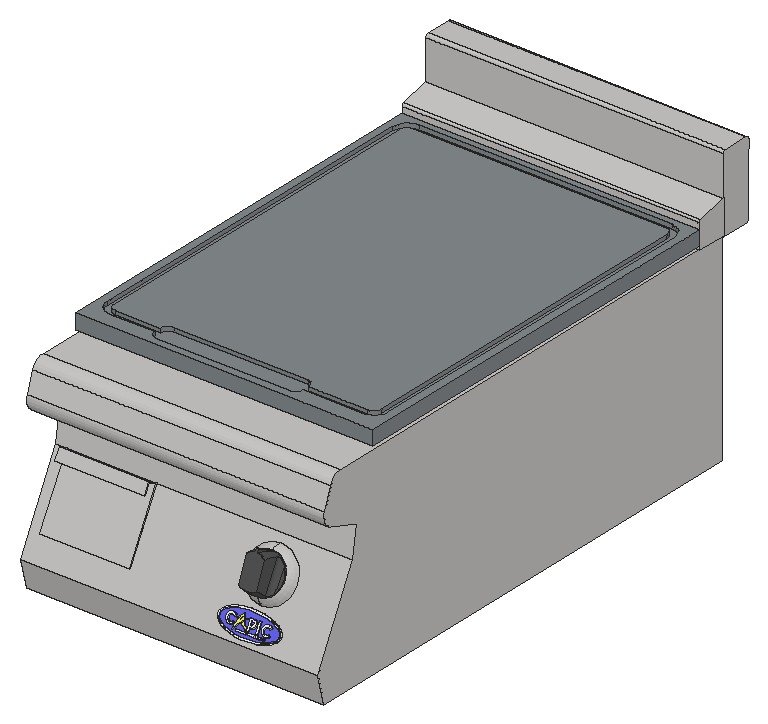
Revit family "QF_CAPIC_AVEN_W540915", category Equipement spécialisé, Revit 2018
Family settings
  Cote de connecteur circulaire = Utiliser le diamètre
  Type d'élément = Normal
  Numéro OmniClass = 23.40.40.14
  Titre OmniClass = Food Service Equipment
  Basée sur le plan de construction = Non
  Toujours verticalement = Oui
  Couper avec des vides une fois chargée = Non
  Partagée = Non
  Point de calcul de pièce = Non
Parameters (values of type "400 x 725 x 270 mm")
  URL catalogue = "http://www.capic-fr.com/fr/"
  Type de Raccord Plomberie [instance] = ""
  Type de Raccord Electrique [instance] = ""
  Type de Gaz = ""
  Type article [instance] = ""
  Tension = 0 V
  Spécification du Fabricant = ""
  Show Logo = yes
  Remarques evacuation [instance] = ""
  Remarques Plomberie [instance] = ""
  Remarques Electricité [instance] = ""
  Puissance électrique  = 0 W
  Puissance Gaz kW = 7.2
  Profondeur hors tout = 725 mm
  Pression Maximum Eau Adoucie = 0.0 Pa
  Poids net à vide = 48.00 kg
  Phase = 0
  Modèle = "W540915"
  Longueur hors tout = 400 mm
  Intensité nominale = 0 A
  Hauteur hors tout = 390 mm
  Hauteur de Raccordement du Sol Finis = 0 mm
  Hauteur de Raccordement Gaz du Sol Finis = 691 mm
  Hauteur de Raccordement Evacuation Directe du Sol Finis = 0 mm
  Hauteur de Raccordement Eau Froide du Sol Finis = 0 mm
  Hauteur de Raccordement Eau Chaude du Sol Finis = 0 mm
  Hauteur de Raccordement Eau Adoucie du Sol Finis = 0 mm
  Fréquence = 0 Hz
  Fabricant = "CAPIC"
  Débit d'air d'extraction = 0.0 m³/h
  Débit Gaz = 0.0 L/s
  Débit Eau Froide = 0.0 L/s
  Débit Eau Chaude = 0.0 L/s
  Débit Eau Adoucie = 0.0 L/s
  Diamètre de Raccordement Gaz = 15 mm
  Diamètre de Raccordement Evacuation = 0 mm
  Diamètre de Raccordement Eau Froide = 0 mm
  Diamètre de Raccordement Eau Chaude = 0 mm
  Diamètre de Raccordement Eau Adoucie = 0 mm
  Description = "Grill fonte lisse"
  Assembly Code = ""
  Classification  Omniclass nombre et titre = "23.40.40.14"
Reference planes
  plane 1 "Centre (avant/arrière)": y = 0
  plane 2: z = 0
  plane 3 "Centre (gauche/droite)": x = 0
  plane 4: x = 400
Forms (mm)
  Extrusion 1, solid, material "QF_Stainless Steel-Brushed"
    sketch origin (0, -45.05, 638) x (0, 1, 0) y (0, 0, 1)
      loop
        line (1.05, 270.397) -> (-641.347, 270.397)
        arc (-641.347, 270.397) -> (-651.671, 267.142) -> (-658.261, 258.553) r 18
        line (-658.261, 258.553) -> (-667.837, 232.245)
        arc (-667.837, 232.245) -> (-667.236, 218.482) -> (-657.078, 209.174) r 18
        line (-657.078, 209.174) -> (-613.251, 193.222) -> (-619.754, 152.161) -> (-680.074, 38.717) -> (-668.972, 0) -> (0, 0) -> (0, 268.397) -> (42.05, 268.397) -> (44.05, 270.397) -> (44.05, 356.397) -> (45.05, 356.397) -> (45.05, 368.397)
        arc (45.05, 368.397) -> (43.878, 371.225) -> (41.05, 372.397) r 4
        line (41.05, 372.397) -> (7.05, 372.397)
        arc (7.05, 372.397) -> (4.222, 371.225) -> (3.05, 368.397) r 4
        line (3.05, 368.397) -> (3.05, 272.397)
        arc (3.05, 272.397) -> (2.464, 270.983) -> (1.05, 270.397) r 2
    from 0 to 400
  Extrusion 2, solid, material "QF_Stainless Steel-Brushed"
    sketch origin (0, 0, 0) x (0, 1, 0) y (0, 0, 1)
      loop
        line (-664.804, 790.161) -> (-678.048, 797.204) -> (-685.091, 783.959) -> (-684.208, 783.49) -> (-677.635, 795.851) -> (-666.157, 789.748) -> (-710.287, 706.751) -> (-709.404, 706.281) -> (-664.804, 790.161)
    from 15 to 135
  Extrusion 3, solid, material "QF_Cast Iron"
    sketch origin (0, 0, 0) x (0, 1, 0) y (0, 0, 1)
      loop
        line (-82, 933.397) -> (-632, 933.397) -> (-632, 913.397) -> (-82, 913.397) -> (-82, 933.397)
    from 0 to 400
  Extrusion 4, solid, material "QF_Stainless Steel-Brushed"
    sketch origin (0, 0, 0) x (0, 1, 0) y (0, 0, 1)
      loop
        line (-42, 953.397) -> (-79.728, 943.965)
        arc (-79.728, 943.965) -> (-81.365, 942.901) -> (-82, 941.055) r 3
        line (-82, 941.055) -> (-82, 908.397) -> (-42, 908.397) -> (-42, 953.397)
    from 0 to 400
  Extrusion 5, void
    sketch origin (0, 0, 0) x (1, 0, 0) y (0, 1, 0)
      loop
        line (10, -112) -> (10, -592)
        arc (10, -592) -> (15.858, -606.142) -> (30, -612) r 20
        line (30, -612) -> (90, -612)
        arc (90, -612) -> (92.929, -619.071) -> (100, -622) r 10
        line (100, -622) -> (280, -622)
        arc (280, -622) -> (287.071, -619.071) -> (290, -612) r 10
        line (290, -612) -> (370, -612)
        arc (370, -612) -> (384.142, -606.142) -> (390, -592) r 20
        line (390, -592) -> (390, -112)
        arc (390, -112) -> (384.142, -97.858) -> (370, -92) r 20
        line (370, -92) -> (30, -92)
        arc (30, -92) -> (15.858, -97.858) -> (10, -112) r 20
      loop
        line (20, -112) -> (20, -592)
        arc (20, -592) -> (22.929, -599.071) -> (30, -602) r 10
        line (30, -602) -> (90, -602)
        arc (90, -602) -> (92.929, -594.929) -> (100, -592) r 10
        line (100, -592) -> (280, -592)
        arc (280, -592) -> (287.071, -594.929) -> (290, -602) r 10
        line (290, -602) -> (370, -602)
        arc (370, -602) -> (377.071, -599.071) -> (380, -592) r 10
        line (380, -592) -> (380, -112)
        arc (380, -112) -> (377.071, -104.929) -> (370, -102) r 10
        line (370, -102) -> (30, -102)
        arc (30, -102) -> (22.929, -104.929) -> (20, -112) r 10
    from 928.4 to 933.397
Cuts and joins
  Extrusion 5 cuts Extrusion 3
Dimensions and locks
  "Longueur hors tout": plane 3 "Centre (gauche/droite)" to plane 4
  aligned and locked: level to plane 2
  aligned and locked: plane 4 to Extrusion 1
  aligned and locked: Extrusion 1 to plane 3 "Centre (gauche/droite)"
  aligned and locked: Extrusion 3 to Extrusion 5
Automatic sketch dimensions
  level to Extrusion 1 sketch curve = 638 mm
  plane 1 "Centre (avant/arrière)" to Extrusion 1 sketch curve = 45.05 mm
  level to Extrusion 1 sketch curve = 831.222 mm
  plane 1 "Centre (avant/arrière)" to Extrusion 1 sketch curve = 658.301 mm
  level to Extrusion 1 sketch curve = 790.161 mm
  Extrusion 1 sketch curve to Extrusion 1 sketch curve = 6.503 mm
  Extrusion 1 sketch curve to Extrusion 1 sketch curve = 28.096 mm
  Extrusion 1 sketch curve to Extrusion 1 sketch curve = 9.575 mm
  level to Extrusion 1 sketch curve = 847.174 mm
  Extrusion 1 sketch curve to Extrusion 1 sketch curve = 6.156 mm  (x2)
  level to Extrusion 1 sketch curve = 896.553 mm
  Extrusion 1 sketch curve to Extrusion 1 sketch curve = 16.914 mm  (x2)
  level to Extrusion 1 sketch curve = 870.245 mm
  Extrusion 1 sketch curve to Extrusion 1 sketch curve = 49.218 mm
  level to Extrusion 1 sketch curve = 676.717 mm
  Extrusion 1 sketch curve to Extrusion 1 sketch curve = 11.102 mm
  plane 1 "Centre (avant/arrière)" to Extrusion 1 sketch curve = 44 mm
  plane 1 "Centre (avant/arrière)" to Extrusion 1 sketch curve = 42 mm
  Extrusion 1 sketch curve to Extrusion 1 sketch curve = 4 mm  (x2)
  Extrusion 1 sketch curve to Extrusion 1 sketch curve = 34 mm
  Extrusion 1 sketch curve to Extrusion 1 sketch curve = 39 mm
  Extrusion 1 sketch curve to Extrusion 1 sketch curve = 3 mm
  Extrusion 1 sketch curve to Extrusion 1 sketch curve = 1 mm
  Extrusion 1 sketch curve to Extrusion 1 sketch curve = 2 mm
  Extrusion 1 sketch curve to Extrusion 1 sketch curve = 86 mm
  Extrusion 1 sketch curve to Extrusion 1 sketch curve = 12 mm
  plane 1 "Centre (avant/arrière)" to Extrusion 2 sketch curve = 710.287 mm
  Extrusion 2 sketch curve to Extrusion 2 sketch curve = 11.892 mm
  Extrusion 2 sketch curve to Extrusion 2 sketch curve = 0.469 mm  (x2)
  Extrusion 2 sketch curve to Extrusion 2 sketch curve = 26.079 mm
  Extrusion 2 sketch curve to Extrusion 2 sketch curve = 0.413 mm
  Extrusion 2 sketch curve to Extrusion 2 sketch curve = 7.456 mm
  level to Extrusion 2 sketch curve = 706.281 mm
  Extrusion 2 sketch curve to Extrusion 2 sketch curve = 0.883 mm
  plane 1 "Centre (avant/arrière)" to Extrusion 3 sketch curve = 632 mm
  plane 1 "Centre (avant/arrière)" to Extrusion 3 sketch curve = 82 mm
  level to Extrusion 3 sketch curve = 913.397 mm
  Extrusion 3 sketch curve to Extrusion 3 sketch curve = 20 mm
  plane 1 "Centre (avant/arrière)" to Extrusion 4 sketch curve = 82 mm
  Extrusion 4 sketch curve to Extrusion 4 sketch curve = 2.272 mm
  Extrusion 4 sketch curve to Extrusion 4 sketch curve = 0.728 mm
  Extrusion 4 sketch curve to Extrusion 4 sketch curve = 40 mm
  level to Extrusion 4 sketch curve = 908.397 mm
  Extrusion 4 sketch curve to Extrusion 4 sketch curve = 32.658 mm
  Extrusion 4 sketch curve to Extrusion 4 sketch curve = 9.432 mm
  Extrusion 5 sketch curve to Extrusion 5 sketch curve = 0 mm  (x13)
  plane 3 "Centre (gauche/droite)" to Extrusion 5 sketch curve = 10 mm
  Extrusion 5 sketch curve to Extrusion 5 sketch curve = 10 mm  (x9)
  Extrusion 5 sketch curve to Extrusion 5 sketch curve = 60 mm
  Extrusion 5 sketch curve to plane 4 = 120 mm
  Extrusion 5 sketch curve to plane 4 = 30 mm  (x2)
  plane 1 "Centre (avant/arrière)" to Extrusion 5 sketch curve = 622 mm
  plane 1 "Centre (avant/arrière)" to Extrusion 5 sketch curve = 112 mm
Nested families
  nested 1: "QF_Details_LogoCapic" at (300, -713.73, 698.145) x (1, 0, 0) z (0, -0.8829, 0.4695), visible <- "Show Logo", type "QF_Details_LogoCapic"
  nested 2: "QF_Details_BoutonCde_face" at (310, -685.811, 750.653) x (1, 0, 0) z (0, -0.8829, 0.4695), type "QF_Details_BoutonCde_face"
Definition of nested family "QF_Details_LogoCapic"
  Parameters (values of type "QF_Details_LogoCapic")
    Default Elevation = 1219.2 mm
  Reference planes
    plane 1 "Centre (avant/arrière)": y = 0
    plane 2: z = 0
    plane 3 "Centre (gauche/droite)": x = 0
  Forms (mm)
    Extrusion 1, solid
      sketch origin (0, 0, 0) x (1, 0, 0) y (0, 1, 0)
        loop
          line (-1219.2, 1219.2) -> (-1219.2, -1219.2) -> (1219.2, -1219.2) -> (1219.2, 1219.2) -> (-1219.2, 1219.2)
      from 0 to -304.8
    Extrusion 2, solid
      sketch origin (0, 0, 0) x (1, 0, 0) y (0, 1, 0)
        loop
          spline (42.486, 0) -> (41.038, 4.53) -> (36.793, 8.751) -> (30.041, 12.376) -> (21.24, 15.157) -> (10.992, 16.906) -> (-0.005, 17.502) -> (-11.003, 16.906) -> (-21.251, 15.157) -> (-30.051, 12.376) -> (-36.804, 8.751) -> (-41.048, 4.53) -> (-42.496, 0)
          spline (-42.496, 0) -> (-41.048, -4.53) -> (-36.804, -8.751) -> (-30.051, -12.376) -> (-21.251, -15.157) -> (-11.003, -16.906) -> (-0.005, -17.502) -> (10.992, -16.906) -> (21.24, -15.157) -> (30.041, -12.376) -> (36.793, -8.751) -> (41.038, -4.53) -> (42.486, 0)
        loop
          spline (40.459, 0) -> (39.08, 4.005) -> (35.038, 7.737) -> (28.607, 10.942) -> (20.227, 13.401) -> (10.468, 14.947) -> (-0.005, 15.474) -> (-10.478, 14.947) -> (-20.237, 13.401) -> (-28.618, 10.942) -> (-35.048, 7.737) -> (-39.091, 4.005) -> (-40.47, 0)
          spline (-40.47, 0) -> (-39.091, -4.005) -> (-35.048, -7.737) -> (-28.618, -10.942) -> (-20.237, -13.401) -> (-10.478, -14.947) -> (-0.005, -15.474) -> (10.468, -14.947) -> (20.227, -13.401) -> (28.607, -10.942) -> (35.038, -7.737) -> (39.08, -4.005) -> (40.459, 0)
      from 0 to 1
    Extrusion 3, solid
      sketch origin (0, 0, 0) x (1, 0, 0) y (0, 1, 0)
        loop
          spline (-40.47, 0) -> (-39.085, -4.012) -> (-35.047, -7.734) -> (-28.617, -10.941) -> (-20.237, -13.401) -> (-10.478, -14.946) -> (-0.005, -15.474) -> (10.468, -14.947) -> (20.227, -13.401) -> (28.606, -10.942) -> (35.038, -7.737) -> (39.081, -4.004) -> (40.459, 0)
          spline (40.459, 0) -> (39.075, 4.012) -> (35.037, 7.734) -> (28.607, 10.941) -> (20.227, 13.401) -> (10.467, 14.946) -> (-0.005, 15.474) -> (-10.478, 14.947) -> (-20.237, 13.401) -> (-28.617, 10.942) -> (-35.048, 7.737) -> (-39.091, 4.004) -> (-40.47, 0)
      from 0 to 1
    Extrusion 4, solid
      sketch origin (0, 0, 0.5) x (1, 0, 0) y (0, 1, 0)
        loop
          line (-20.944, 3.897) -> (-18.992, 5.849)
          arc (-18.992, 5.849) -> (-30.967, 0.712) -> (-18.902, -4.211) r 7.063
          line (-18.902, -4.211) -> (-20.854, -2.259)
          arc (-20.854, -2.259) -> (-28.207, 0.712) -> (-20.944, 3.897) r 4.303
      from 0 to 1
    Extrusion 5, solid
      sketch origin (0, 0, 0.5) x (1, 0, 0) y (0, 1, 0)
        loop
          line (-1.061, 7.837) -> (-1.061, -6.288) -> (1.738, -6.288) -> (1.738, -2.065) -> (4.782, -2.065)
          spline (4.782, -2.065) -> (5.836, -1.896) -> (6.819, -1.402) -> (7.663, -0.615) -> (8.311, 0.411) -> (8.718, 1.605) -> (8.856, 2.886) -> (8.718, 4.168) -> (8.311, 5.362) -> (7.663, 6.387) -> (6.819, 7.174) -> (5.836, 7.669) -> (4.782, 7.837)
          line (4.782, 7.837) -> (-1.061, 7.837)
        loop
          line (1.738, 5.077) -> (1.738, 0.775) -> (4.418, 0.775)
          spline (4.418, 0.775) -> (4.819, 0.848) -> (5.193, 1.063) -> (5.514, 1.405) -> (5.761, 1.85) -> (5.916, 2.369) -> (5.969, 2.926) -> (5.916, 3.483) -> (5.761, 4.002) -> (5.514, 4.447) -> (5.193, 4.789) -> (4.819, 5.004) -> (4.418, 5.077)
          line (4.418, 5.077) -> (1.738, 5.077)
      from 0 to 1
    Extrusion 6, solid
      sketch origin (0, 0, 0.5) x (1, 0, 0) y (0, 1, 0)
        loop
          line (11.122, 7.837) -> (11.122, -6.288) -> (14.009, -6.288) -> (14.009, 7.837) -> (11.122, 7.837)
      from 0 to 1
    Extrusion 7, solid
      sketch origin (47.835, 0, 0.5) x (1, 0, 0) y (0, 1, 0)
        loop
          line (-20.944, 3.897) -> (-18.992, 5.849)
          arc (-18.992, 5.849) -> (-30.967, 0.712) -> (-18.902, -4.211) r 7.063
          line (-18.902, -4.211) -> (-20.854, -2.259)
          arc (-20.854, -2.259) -> (-28.207, 0.712) -> (-20.944, 3.897) r 4.303
      from 0 to 1
    Extrusion 8, solid
      sketch origin (0, 0, 0.5) x (1, 0, 0) y (0, 1, 0)
        loop
          line (-14.086, -8.467) -> (-14.086, -10.703) -> (-0.382, -10.703) -> (-0.382, -8.467) -> (-14.086, -8.467)
        loop
          line (1.692, -7.694) -> (1.692, -10.703) -> (10.598, -10.703) -> (10.598, -7.694) -> (1.692, -7.694)
        loop
          circle (14.095, -9.117) r 1.311
        loop
          circle (18.365, -9.117) r 1.311
        loop
          circle (22.635, -9.117) r 1.311
      from 0 to 1
    Extrusion 9, solid
      sketch origin (0, 0, 0.5) x (1, 0, 0) y (0, 1, 0)
        loop
          arc (-10.078, 10.027) -> (-16.152, 0.742) -> (-18.987, -9.985) r 34.734
          arc (-18.987, -9.985) -> (-13.545, -2.96) -> (-7.054, 3.109) r 55.667
          line (-7.054, 3.109) -> (-10.078, 10.027)
        loop
          line (-10.891, 5.813) -> (-12.476, 3.068) -> (-9.306, 3.068) -> (-10.891, 5.813)
      from 0 to 1
    Extrusion 10, solid
      sketch origin (0, 0, 0.5) x (1, 0, 0) y (0, 1, 0)
        loop
          line (-17.978, 3.413) -> (-16.228, 2.092) -> (-14.209, 5.589) -> (-17.978, 3.413)
        loop
          line (-7.246, 5.196) -> (-6.474, 3.433) -> (-3.608, 5.838) -> (-7.246, 5.196)
        loop
          line (-10.905, -1.415) -> (-2.534, -6.652) -> (-6.862, 2.629) -> (-10.905, -1.415)
      from 0 to 1
  Dimensions and locks
    aligned and locked: plane 2 to Extrusion 1
    aligned and locked: level to Extrusion 1
Definition of nested family "QF_Details_BoutonCde_face"
  Parameters (values of type "QF_Details_BoutonCde_face")
    Default Elevation = 1219.2 mm
  Reference planes
    plane 1 "Centre (avant/arrière)": y = 0
    plane 2: z = 0
    plane 3 "Centre (gauche/droite)": x = 0
  Forms (mm)
    Extrusion 1, solid
      sketch origin (0, 0, 0) x (1, 0, 0) y (0, 1, 0)
        loop
          line (-1219.2, 1219.2) -> (-1219.2, -1219.2) -> (1219.2, -1219.2) -> (1219.2, 1219.2) -> (-1219.2, 1219.2)
      from 0 to -304.8
    Revolve 2, solid
      sketch origin (0, -424.122, 22.212) x (0, 0, -1) y (0, 1, 0)
        loop
          arc (5.871, 449.971) -> (-8.423, 448.326) -> (-22.417, 444.983) r 120.076
          line (-22.417, 444.983) -> (-22.417, 424.125) -> (5.871, 424.125) -> (5.871, 449.971)
        axis (5.871, 424.125) -> (-22.417, 424.125)
      angle from 0 to 360
    Extrusion 3, void
      sketch origin (0, -424.122, 22.212) x (1, 0, 0) y (0, 0, -1)
        loop
          line (-20.046, 5.019) -> (-26.533, 5.019) -> (-26.533, -26.12) -> (-11.799, -26.12) -> (-12.009, -22.113) -> (-13.084, -1.588)
          arc (-13.084, -1.588) -> (-15.247, 3.104) -> (-20.046, 5.019) r 6.971
      from 398.385 to 449.971
    Extrusion 4, void
      sketch origin (0, -424.122, 22.212) x (-1, 0, 0) y (0, 0, 1)
        loop
          arc (-20.046, -5.019) -> (-15.247, -3.104) -> (-13.084, 1.588) r 6.971
          line (-13.084, 1.588) -> (-12.009, 22.113) -> (-11.799, 26.12) -> (-26.533, 26.12) -> (-26.533, -5.019) -> (-20.046, -5.019)
      from 398.385 to 449.971
    Extrusion 5, solid
      sketch origin (0, -424.122, 22.212) x (1, 0, 0) y (0, 1, 0)
        loop
          line (-1.769, 450.075) -> (-1.769, 444.575) -> (1.769, 444.575) -> (1.769, 450.075) -> (-1.769, 450.075)
      from -5.871 to 22.417
    Revolve 6, solid
      sketch origin (0, -424.122, 22.212) x (0, 0, -1) y (0, 1, 0)
        loop
          arc (17.212, 458.76) -> (10.984, 455.085) -> (5.871, 449.971) r 28.739
          line (5.871, 449.971) -> (5.871, 424.122) -> (17.212, 424.122) -> (17.212, 458.76)
        axis (17.212, 424.122) -> (5.871, 424.122)
      angle from 0 to 360
    Extrusion 7, void
      sketch origin (0, -597.063, -962.31) x (0, 0.156434, -0.987688) y (0, 0.987688, 0.156434)
        loop
          line (-897.081, 772.866) -> (-914.868, 772.866) -> (-914.868, 714.91) -> (-901.134, 714.91) -> (-897.081, 772.866)
      from -22.625 to 23.018
  Cuts and joins
    Extrusion 3, Extrusion 4, Extrusion 7 cuts Revolve 2
    Extrusion 7 cuts Extrusion 5
    joined: Revolve 2, Extrusion 5
  Dimensions and locks
    aligned and locked: plane 2 to Extrusion 1
    aligned and locked: level to Extrusion 1
